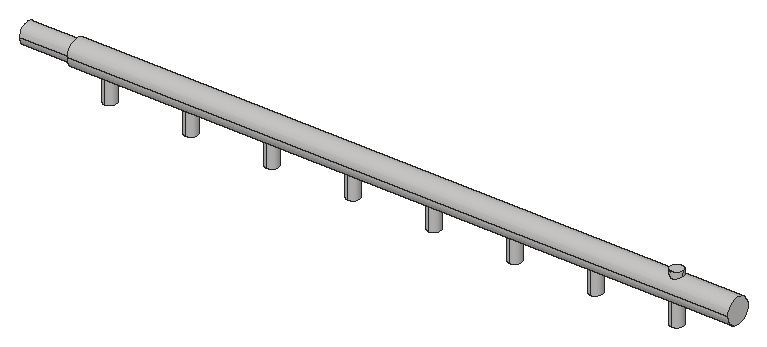
Revit family "BIMLIB_Коллектор_462_8_РОСТерм", category Оборудование, Revit 2017
Family settings
  Размер круглого соединителя = Использовать диаметр
  Тип детали = Нормальный
  На основе рабочей плоскости = Нет
  Всегда вертикально = Да
  При загрузке вырезать с полостями = Нет
  Общий = Нет
  Точка расчета площади = Нет
Parameters (values of type "Коллектор HEIZEN 462 Ду25 на 8 выходов")
  РТ_Шаг = 100 mm
  РТ_l = 100 mm  # constant formula
  РТ_R1 = РТ_R + 5 mm  # 20 mm
  РТ_R = 15 mm
  РТ_R_низ = РТ_DN_низ / 2  # 7.5 mm
  РТ_DN3 = 15 mm  # constant formula
  Описание = "Коллекторы Heizen изготовлены из высококачественной латуни и нержавеющей стали, что исключает риск протечек. Коллекторы могут быть оснащены различными видами арматуры: ручными балансировочными клапанами,ручными запорными клапанами, термостатическими клапанами, расходомерами, воздухоотводчиками и дренажными кранами."
  РТ_DN_низ = 15 mm  # constant formula
  РТ_DN_бок = 25 mm
  Изготовитель = "РОСТерм"  # constant formula
  URL = "http://rostherm.ru/"
  BL_Разработано = "support@bimlib.ru"  # constant formula
  BL_Email = "rostherm@bimlib.ru"  # constant formula
  BL_BIM library = "https://bimlib.pro/manufacturer/rosterm/1632/"
  ADSK_Расход жидкости [instance] = 0.0 L/s
  ADSK_Примечание = ""
  ADSK_Позиция = ""
  ADSK_Обозначение = "ГОСТ 12.2.063-2015"  # constant formula
  ADSK_Наименование краткое = "HEIZEN 462 Ду25"
  ADSK_Наименование = "Коллектор HEIZEN 462 для систем отопения, горячего и холодного водоснабжения сварной Ду25 на 8 выходов"
  ADSK_Материал = BIMLIB_Нержавеющая_сталь_РОСТерм
  ADSK_Масса_Текст = ""
  ADSK_Масса = 0
  ADSK_Марка = "HEIZEN 462"  # constant formula
  ADSK_Код изделия = "462-25-10-08"
  ADSK_Завод-изготовитель = "Heizen"  # constant formula
  ADSK_Единица измерения = "шт."  # constant formula
  ADSK_Версия Revit = "2017"  # constant formula
  ADSK_URL страницы изделия = "http://rostherm.ru/kollektory/"
  ADSK_URL документации изделия = "http://rostherm.ru/"
Types (4, lengths in mm): name | РТ_R1 | РТ_R | РТ_DN_бок | ADSK_Наименование краткое | ADSK_Наименование | ADSK_Код изделия
  Коллектор HEIZEN 462 Ду50 на 8 выходов | 32 | 27 | 50 | "HEIZEN 462 Ду50" | "Коллектор HEIZEN 462 для систем отопения, горячего и холодного водоснабжения сварной Ду50 на 8 выходов" | "462-50-10-08"
  Коллектор HEIZEN 462 Ду40 на 8 выходов | 27 | 22 | 40 | "HEIZEN 462 Ду40" | "Коллектор HEIZEN 462 для систем отопения, горячего и холодного водоснабжения сварной Ду40 на 8 выходов" | "462-40-10-08"
  Коллектор HEIZEN 462 Ду32 на 8 выходов | 23 | 18 | 32 | "HEIZEN 462 Ду32" | "Коллектор HEIZEN 462 для систем отопения, горячего и холодного водоснабжения сварной Ду32 на 8 выходов" | "462-32-10-08"
  Коллектор HEIZEN 462 Ду25 на 8 выходов | 20 | 15 | 25 | "HEIZEN 462 Ду25" | "Коллектор HEIZEN 462 для систем отопения, горячего и холодного водоснабжения сварной Ду25 на 8 выходов" | "462-25-10-08"
Reference planes
  plane 1 "По центру (Вперед/Назад)": y = 0
  plane 2: z = 0
  plane 3 "По центру (Влево/Вправо)": x = 0
  plane 4: x = 100
  plane 5: x = 1185
  plane 6: x = 60
  plane 7: z = 20
Forms (mm)
  Extrusion 1, solid, material "BIMLIB_Нержавеющая_сталь_РОСТерм" <- "ADSK_Материал", detail levels medium+fine
    sketch origin (65, 0, 0) x (0, 1, 0) y (0, 0, 1)
      loop
        circle (0, 0) r 15
    from -5 to 800
  Sweep 2, solid, material "BIMLIB_Нержавеющая_сталь_РОСТерм" <- "ADSK_Материал", detail levels medium+fine
    path origin (65, 0, 7.5) x (1, 0, 0) y (0, 0, 1)
      loop
        line (35, -7.5) -> (35, -47.5)
    profile origin (100, 0, -20) x (0, -1, 0) y (1, 0, 0)
      loop
        circle (0, 0) r 7.5
  Sweep 3, solid, material "BIMLIB_Нержавеющая_сталь_РОСТерм" <- "ADSK_Материал", detail levels medium+fine
    path origin (163.636, 0, 7.5) x (1, 0, 0) y (0, 0, 1)
      loop
        line (35, -7.5) -> (35, -47.5)
    profile origin (198.636, 0, -20) x (0, -1, 0) y (1, 0, 0)
      loop
        circle (0, 0) r 7.5
  Sweep 4, solid, material "BIMLIB_Нержавеющая_сталь_РОСТерм" <- "ADSK_Материал", detail levels medium+fine
    path origin (262.273, 0, 7.5) x (1, 0, 0) y (0, 0, 1)
      loop
        line (35, -7.5) -> (35, -47.5)
    profile origin (297.273, 0, -20) x (0, -1, 0) y (1, 0, 0)
      loop
        circle (0, 0) r 7.5
  Sweep 5, solid, material "BIMLIB_Нержавеющая_сталь_РОСТерм" <- "ADSK_Материал", detail levels medium+fine
    path origin (360.909, 0, 7.5) x (1, 0, 0) y (0, 0, 1)
      loop
        line (35, -7.5) -> (35, -47.5)
    profile origin (395.909, 0, -20) x (0, -1, 0) y (1, 0, 0)
      loop
        circle (0, 0) r 7.5
  Sweep 6, solid, material "BIMLIB_Нержавеющая_сталь_РОСТерм" <- "ADSK_Материал", detail levels medium+fine
    path origin (459.545, 0, 7.5) x (1, 0, 0) y (0, 0, 1)
      loop
        line (35, -7.5) -> (35, -47.5)
    profile origin (494.545, 0, -20) x (0, -1, 0) y (1, 0, 0)
      loop
        circle (0, 0) r 7.5
  Sweep 7, solid, material "BIMLIB_Нержавеющая_сталь_РОСТерм" <- "ADSK_Материал", detail levels medium+fine
    path origin (558.182, 0, 7.5) x (1, 0, 0) y (0, 0, 1)
      loop
        line (35, -7.5) -> (35, -47.5)
    profile origin (593.182, 0, -20) x (0, -1, 0) y (1, 0, 0)
      loop
        circle (0, 0) r 7.5
  Sweep 8, solid, material "BIMLIB_Нержавеющая_сталь_РОСТерм" <- "ADSK_Материал", detail levels medium+fine
    path origin (656.818, 0, 7.5) x (1, 0, 0) y (0, 0, 1)
      loop
        line (35, -7.5) -> (35, -47.5)
    profile origin (691.818, 0, -20) x (0, -1, 0) y (1, 0, 0)
      loop
        circle (0, 0) r 7.5
  Sweep 9, solid, material "BIMLIB_Нержавеющая_сталь_РОСТерм" <- "ADSK_Материал", detail levels medium+fine
    path origin (755.455, 0, 7.5) x (1, 0, 0) y (0, 0, 1)
      loop
        line (35, -7.5) -> (35, -47.5)
    profile origin (790.455, 0, -20) x (0, -1, 0) y (1, 0, 0)
      loop
        circle (0, 0) r 7.5
  Extrusion 10, solid, material "BIMLIB_Нержавеющая_сталь_РОСТерм" <- "ADSK_Материал", detail levels medium+fine
    sketch origin (50, 0, 0) x (0, 1, 0) y (0, 0, 1)
      loop
        circle (0, 0) r 12.5
    from -50 to 10
  Extrusion 11, solid, material "BIMLIB_Нержавеющая_сталь_РОСТерм" <- "ADSK_Материал", detail levels medium+fine
    sketch origin (-394.545, 0, 0) x (1, 0, 0) y (0, 1, 0)
      loop
        circle (1185, 0) r 7.5
    from 0 to 20
Lines and regions (mm)
  model lines, detail levels coarse
    curve 1: line (0, 0, 0) -> (865, 0, 0)
    curve 2: line (100, 0, 0) -> (100, 0, -40)
    curve 3: line (198.636, 0, 0) -> (198.636, 0, -40)
    curve 4: line (297.273, 0, 0) -> (297.273, 0, -40)
    curve 5: line (395.909, 0, 0) -> (395.909, 0, -40)
    curve 6: line (494.545, 0, 0) -> (494.545, 0, -40)
    curve 7: line (593.182, 0, 0) -> (593.182, 0, -40)
    curve 8: line (691.818, 0, 0) -> (691.818, 0, -40)
    curve 9: line (790.455, 0, 0) -> (790.455, 0, -40)
Dimensions and locks
  "РТ_l": plane 4 to plane 3 "По центру (Влево/Вправо)"
  Sweep 2 sketch curve to Sweep 2 sketch curve = 40 mm
  Sweep 3 sketch curve to Sweep 3 sketch curve = 40 mm
  Sweep 4 sketch curve to Sweep 4 sketch curve = 40 mm
  Sweep 5 sketch curve to Sweep 5 sketch curve = 40 mm
  Sweep 6 sketch curve to Sweep 6 sketch curve = 40 mm
  Sweep 7 sketch curve to Sweep 7 sketch curve = 40 mm
  Sweep 8 sketch curve to Sweep 8 sketch curve = 40 mm
  Sweep 9 sketch curve to Sweep 9 sketch curve = 40 mm
  locked: plane 4 to plane 6 at 40
  "РТ_R1": plane 7 to level
  "РТ_R": radius of Extrusion 1 sketch curve
  "РТ_R_низ": radius of Sweep 2 sketch curve
  "РТ_R_низ": radius of Sweep 3 sketch curve
  "РТ_R_низ": radius of Sweep 4 sketch curve
  "РТ_R_низ": radius of Sweep 5 sketch curve
  "РТ_R_низ": radius of Sweep 6 sketch curve
  "РТ_R_низ": radius of Sweep 7 sketch curve
  "РТ_R_низ": radius of Sweep 8 sketch curve
  "РТ_R_низ": radius of Sweep 9 sketch curve
  "РТ_DN_бок": diameter of Extrusion 10 sketch curve
  "РТ_DN_низ": diameter of Extrusion 11 sketch curve
  aligned and locked: level to plane 2
  aligned and locked: Extrusion 1 to plane 6
  aligned and locked: Extrusion 10 to plane 3 "По центру (Влево/Вправо)"
  aligned and locked: Extrusion 10 to Extrusion 1
  aligned and locked: plane 7 to Extrusion 11
  aligned and locked: curve 1 to Extrusion 1
Automatic sketch dimensions
  Sweep 2 sketch curve to profile plane = 0 mm
  profile plane to Sweep 2 sketch curve = 0 mm
  Sweep 3 sketch curve to profile plane = 0 mm
  profile plane to Sweep 3 sketch curve = 0 mm
  Sweep 4 sketch curve to profile plane = 0 mm
  profile plane to Sweep 4 sketch curve = 0 mm
  Sweep 5 sketch curve to profile plane = 0 mm
  profile plane to Sweep 5 sketch curve = 0 mm
  Sweep 6 sketch curve to profile plane = 0 mm
  profile plane to Sweep 6 sketch curve = 0 mm
  Sweep 7 sketch curve to profile plane = 0 mm
  profile plane to Sweep 7 sketch curve = 0 mm
  Sweep 8 sketch curve to profile plane = 0 mm
  profile plane to Sweep 8 sketch curve = 0 mm
  Sweep 9 sketch curve to profile plane = 0 mm
  profile plane to Sweep 9 sketch curve = 0 mm
  Extrusion 1 sketch curve to level = 0 mm
  Extrusion 1 sketch curve to plane 1 "По центру (Вперед/Назад)" = 0 mm
  curve 1 to plane 3 "По центру (Влево/Вправо)" = 0 mm
  curve 2 to plane 4 = 0 mm
  curve 2 to curve 3 = 98.636 mm
  curve 3 to curve 4 = 98.636 mm
  curve 5 to level = 40 mm
  curve 4 to curve 5 = 98.636 mm
  curve 5 to curve 6 = 98.636 mm
  curve 6 to curve 7 = 98.636 mm
  curve 7 to curve 8 = 98.636 mm
  curve 9 to level = 40 mm
  curve 8 to curve 9 = 98.636 mm
  curve 9 to curve 1 = 74.545 mm
  curve 4 to curve 4 = 40 mm
  curve 3 to curve 3 = 40 mm
  curve 6 to curve 6 = 40 mm
  curve 2 to curve 2 = 40 mm
  curve 7 to curve 7 = 40 mm
  curve 8 to curve 8 = 40 mm
  plane 1 "По центру (Вперед/Назад)" to Extrusion 11 sketch curve = 0 mm
  Extrusion 11 sketch curve to plane 5 = 394.545 mm
  Extrusion 10 sketch curve to level = 0 mm
  Extrusion 10 sketch curve to plane 1 "По центру (Вперед/Назад)" = 0 mm
Connectors
  piping at (100, 0, -40), diameter 15, driven by "РТ_DN_низ", driven by "ADSK_Расход жидкости"
    settings: on Sweep 2, index 3, connector inside diameter 609.6 mm, connector length 0 mm, flow factor 0, pipe flow 0.0 L/s, pressure drop 0.0 Pa, fitting loss kfactor 0, connector angle 0.00°, fixture units 0, engagement length 0 mm, angle of deflection 0.00°, flow configuration 0, flow direction 2, fitting loss method 0, system type 7, joint type 0, gender type 0, connector reference index -1, connector utility 0, adjustable connector no, is connector primary yes, connector description ""
  piping at (198.636, 0, -40), diameter 15, driven by "РТ_DN_низ", driven by "ADSK_Расход жидкости"
    settings: on Sweep 3, index 4, connector inside diameter 609.6 mm, connector length 0 mm, flow factor 0, pipe flow 0.0 L/s, pressure drop 0.0 Pa, fitting loss kfactor 0, connector angle 0.00°, fixture units 0, engagement length 0 mm, angle of deflection 0.00°, flow configuration 0, flow direction 2, fitting loss method 0, system type 7, joint type 0, gender type 0, connector reference index -1, connector utility 0, adjustable connector no, is connector primary no, connector description ""
  piping at (297.273, 0, -40), diameter 15, driven by "РТ_DN_низ", driven by "ADSK_Расход жидкости"
    settings: on Sweep 4, index 5, connector inside diameter 609.6 mm, connector length 0 mm, flow factor 0, pipe flow 0.0 L/s, pressure drop 0.0 Pa, fitting loss kfactor 0, connector angle 0.00°, fixture units 0, engagement length 0 mm, angle of deflection 0.00°, flow configuration 0, flow direction 2, fitting loss method 0, system type 7, joint type 0, gender type 0, connector reference index -1, connector utility 0, adjustable connector no, is connector primary no, connector description ""
  piping at (395.909, 0, -40), diameter 15, driven by "РТ_DN_низ", driven by "ADSK_Расход жидкости"
    settings: on Sweep 5, index 6, connector inside diameter 609.6 mm, connector length 0 mm, flow factor 0, pipe flow 0.0 L/s, pressure drop 0.0 Pa, fitting loss kfactor 0, connector angle 0.00°, fixture units 0, engagement length 0 mm, angle of deflection 0.00°, flow configuration 0, flow direction 2, fitting loss method 0, system type 7, joint type 0, gender type 0, connector reference index -1, connector utility 0, adjustable connector no, is connector primary no, connector description ""
  piping at (494.545, 0, -40), diameter 15, driven by "РТ_DN_низ", driven by "ADSK_Расход жидкости"
    settings: on Sweep 6, index 27, connector inside diameter 609.6 mm, connector length 0 mm, flow factor 0, pipe flow 0.0 L/s, pressure drop 0.0 Pa, fitting loss kfactor 0, connector angle 0.00°, fixture units 0, engagement length 0 mm, angle of deflection 0.00°, flow configuration 0, flow direction 2, fitting loss method 0, system type 7, joint type 0, gender type 0, connector reference index -1, connector utility 0, adjustable connector no, is connector primary no, connector description ""
  piping at (593.182, 0, -40), diameter 15, driven by "РТ_DN_низ", driven by "ADSK_Расход жидкости"
    settings: on Sweep 7, index 29, connector inside diameter 609.6 mm, connector length 0 mm, flow factor 0, pipe flow 0.0 L/s, pressure drop 0.0 Pa, fitting loss kfactor 0, connector angle 0.00°, fixture units 0, engagement length 0 mm, angle of deflection 0.00°, flow configuration 0, flow direction 2, fitting loss method 0, system type 7, joint type 0, gender type 0, connector reference index -1, connector utility 0, adjustable connector no, is connector primary no, connector description ""
  piping at (691.818, 0, -40), diameter 15, driven by "РТ_DN_низ", driven by "ADSK_Расход жидкости"
    settings: on Sweep 8, index 31, connector inside diameter 609.6 mm, connector length 0 mm, flow factor 0, pipe flow 0.0 L/s, pressure drop 0.0 Pa, fitting loss kfactor 0, connector angle 0.00°, fixture units 0, engagement length 0 mm, angle of deflection 0.00°, flow configuration 0, flow direction 2, fitting loss method 0, system type 7, joint type 0, gender type 0, connector reference index -1, connector utility 0, adjustable connector no, is connector primary no, connector description ""
  piping at (790.455, 0, -40), diameter 15, driven by "РТ_DN_низ", driven by "ADSK_Расход жидкости"
    settings: on Sweep 9, index 33, connector inside diameter 609.6 mm, connector length 0 mm, flow factor 0, pipe flow 0.0 L/s, pressure drop 0.0 Pa, fitting loss kfactor 0, connector angle 0.00°, fixture units 0, engagement length 0 mm, angle of deflection 0.00°, flow configuration 0, flow direction 2, fitting loss method 0, system type 7, joint type 0, gender type 0, connector reference index -1, connector utility 0, adjustable connector no, is connector primary no, connector description ""
  piping at (0, 0, 0), diameter 25, driven by "РТ_DN_бок", driven by "ADSK_Расход жидкости"
    settings: on Extrusion 10, index 38, connector inside diameter 609.6 mm, connector length 0 mm, flow factor 0, pipe flow 0.0 L/s, pressure drop 0.0 Pa, fitting loss kfactor 0, connector angle 0.00°, fixture units 0, engagement length 0 mm, angle of deflection 0.00°, flow configuration 0, flow direction 1, fitting loss method 0, system type 7, joint type 0, gender type 0, connector reference index -1, connector utility 0, adjustable connector no, is connector primary no, connector description ""
  piping at (790.455, 0, 20), diameter 15, driven by "РТ_DN3", driven by "ADSK_Расход жидкости"
    settings: on Extrusion 11, index 39, connector inside diameter 609.6 mm, connector length 0 mm, flow factor 0, pipe flow 0.0 L/s, pressure drop 0.0 Pa, fitting loss kfactor 0, connector angle 0.00°, fixture units 0, engagement length 0 mm, angle of deflection 0.00°, flow configuration 0, flow direction 0, fitting loss method 0, system type 29, joint type 0, gender type 0, connector reference index -1, connector utility 0, adjustable connector no, is connector primary no, connector description ""
